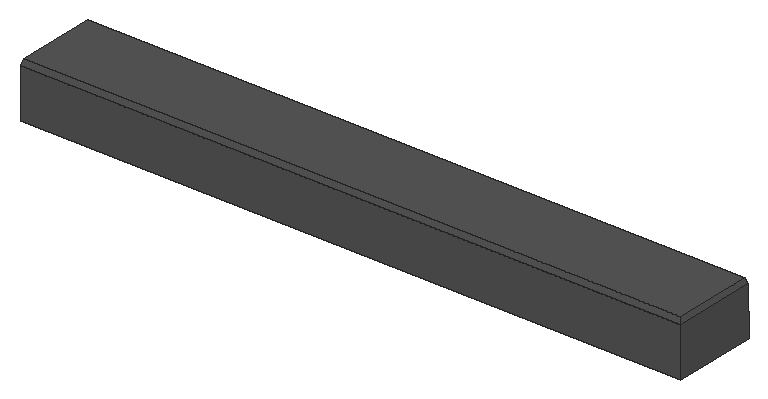
Revit family "Electronics_Conferencing-Bars_Biamp_Parle_Speaker_SBC-2__", category Communication Devices, host Face, Revit 2020
Family settings
  Host = Face
  Maintain Annotation Orientation = No
  Round Connector Dimension = Use Diameter
  Part Type = Normal
  OmniClass Number = 23.85.10.11.14
  OmniClass Title = Audio Equipment
  Cut with Voids When Loaded = No
  Shared = No
  Room Calculation Point = No
Parameters (values of type "SBC 2")
  Width = 40.10"  # constant formula
  Weight = 9.90 lbf  # constant formula
  Wake on Signal = "Yes"  # constant formula
  Voltage = 120 V
  USB Sample Rate = "44.1/48 kHz"  # constant formula
  USB Connector = "USB 2.0 Type-B"  # constant formula
  USB Codec = "24-bit PCM stereo"  # constant formula
  URL = "https://www.biamp.com/"
  THD+N = "< 0.1 %"  # constant formula
  Supported Version = "1.4"  # constant formula
  Sample Rate = "44.1/48 kHz"  # constant formula
  Rated Power = "4 x 20 Wrms"  # constant formula
  RS-232 = "19200/8-N-1"  # constant formula
  Product data url = "https://www.bimobject.com/biamp/product/parle-sbc-2_conferencing-bar"
  Product Page URL = "https://www.biamp.com/products/product-families/parle/conferencing-bars#parle-sbc-2"
  Product Documentation Link = "https://downloads.biamp.com/assets/docs/default-source/data-sheets/biamp_data_sheet_parle_sbc_2_feb22.pdf"
  Power Factor = 1
  Number of Poles = 1
  Number of Inputs = "1 (stereo)"  # constant formula
  Model = "Parlé SBC 2"  # constant formula
  Maximum SPL = "106 dBA"  # constant formula
  Max Power Consumption = 60 W
  Max Input Level = "1 Vrms"  # constant formula
  Manufacturer = "Biamp"  # constant formula
  Input Impedance = "< 20kΩ"  # constant formula
  Housing Material = Biamp - Plastic - Black
  Height = 5.10"  # constant formula
  Frequency Response = "± 3 dB"  # constant formula
  Description = "Parlé™ SBC 2 Conferencing Speaker Bar"
  Depth = 3.00"  # constant formula
  Default Elevation = 48.00"
  Connector Description = "100-240VAC 50/60Hz"  # constant formula
  Connector = "RCA"  # constant formula
  Compliance = "CE Marked (Europe) RoHS Directive (Europe)"  # constant formula
  Codec = "24-bit PCM stereo"  # constant formula
  CEC Support = "Yes"  # constant formula
  Assembly Code = ""
  Apparent Load = Max Power Consumption / Power Factor  # 60 VA
Reference planes (in)
  plane 1 "Center (Front/Back)": y = 0
  plane 2: z = 0
  plane 3 "Center (Left/Right)": x = 0
  plane 4: x = -20.05
  plane 5: x = 20.05
  plane 6: y = -2.55
  plane 7: y = 2.55
  plane 8: z = 3
Forms (in)
  Extrusion 1, solid, material "Biamp - Plastic - Black" <- "Housing Material", detail levels medium+fine
    sketch origin (0, -2.55, 1.5) x (1, 0, 0) y (0, 0, -1)
      loop
        line (-20.05, 1.5) -> (-20.05, -1.5) -> (20.05, -1.5) -> (20.05, 1.5) -> (-20.05, 1.5)
    from 0 to 5.1
  Extrusion 2, void
    sketch origin (0, -2.55, 1.5) x (1, 0, 0) y (0, 1, 0)
      loop
        line (4.34375, 4.60556) -> (-4.34375, 4.60556) -> (-4.34375, 0.49444) -> (4.34375, 0.49444) -> (4.34375, 4.60556)
    from -1.5 to -1.0155
  Extrusion 3, solid, material "Biamp - Plastic - Black" <- "Housing Material", detail levels fine
    sketch origin (0, -2.55, 1.5) x (1, 0, 0) y (0, 1, 0)
      loop
        circle (-18.00483, 2.55) r 1
      loop
        circle (-14.50483, 2.55) r 1.75
      loop
        circle (18.00483, 2.55) r 1
      loop
        circle (14.50483, 2.55) r 1.75
    from 1.5 to 1.60298
  Extrusion 4, void
    sketch origin (4.34375, 1.8863, 1.5) x (0, 1, 0) y (0, 0, 1)
      loop
        line (-0.35833, -1.38826) -> (-0.35833, -1.13826) -> (-1.02867, -1.13826) -> (-1.02867, -1.38826) -> (-0.35833, -1.38826)
      loop
        line (-1.18726, -1.38826) -> (-1.18726, -1.13826) -> (-1.8576, -1.13826) -> (-1.8576, -1.38826) -> (-1.18726, -1.38826)
    from 0 to 0.4024
  Extrusion 5, void
    sketch origin (0, -2.55, 0.4845) x (1, 0, 0) y (0, 1, 0)
      loop
        line (3.09701, 1.27657) -> (1.94808, 1.27657) -> (1.94808, 0.92393) -> (3.09701, 0.92393) -> (3.09701, 1.27657)
      loop
        line (-0.30428, 1.27657) -> (-1.07821, 1.27657) -> (-1.07821, 0.92393) -> (-0.30428, 0.92393) -> (-0.30428, 1.27657)
      loop
        line (-1.89782, 1.10264) -> (-2.67175, 1.10264) -> (-2.67175, 0.8125) -> (-1.89782, 0.8125) -> (-1.89782, 1.10264)
      loop
        circle (1.19808, 1.10025) r 0.25
      loop
        circle (0.44808, 1.10025) r 0.25
    from 0 to 0.73419
  Blend 6, solid, material "Biamp - Plastic - Black(Grid)", detail levels medium+fine
    base sketch origin (0, 0, 0) x (1, 0, 0) y (0, 1, 0)
      loop
        line (-20.05, 2.55) -> (-20.05, -2.55) -> (20.05, -2.55) -> (20.05, 2.55) -> (-20.05, 2.55)
    top sketch origin (0, 0, 0) x (1, 0, 0) y (0, 1, 0)
      loop
        line (-19.925, 2.425) -> (-19.925, -2.425) -> (19.925, -2.425) -> (19.925, 2.425) -> (-19.925, 2.425)
    from 3 to 3.33735
  Extrusion 7, solid, material "Biamp - Plastic - Black" <- "Housing Material", detail levels coarse
    sketch origin (0, -2.55, 1.5) x (1, 0, 0) y (0, 0, -1)
      loop
        line (-20.05, 1.5) -> (-20.05, -1.83735) -> (20.05, -1.83735) -> (20.05, 1.5) -> (-20.05, 1.5)
    from 0 to 5.1
Cuts and joins
  Extrusion 2, Extrusion 4, Extrusion 5 cuts Extrusion 1
  Extrusion 2 cuts Extrusion 7
Lines and regions (in)
  Masking region 1, detail levels medium+fine
    outline origin (0, 0, 0) x (1, 0, 0) y (0, 0, 1)
      loop
        line (-20.05, 0) -> (20.05, 0) -> (20.05, 3) -> (19.925, 3.33735) -> (-19.925, 3.33735) -> (-20.05, 3) -> (-20.05, 0)
  Masking region 2, detail levels coarse
    outline origin (0, 0, 0) x (1, 0, 0) y (0, 0, 1)
      loop
        line (-20.05, 0) -> (20.05, 0) -> (20.05, 3.33735) -> (-20.05, 3.33735) -> (-20.05, 0)
  symbolic lines, detail levels medium+fine
    curve 1: line (-20.05, 0, 3) -> (19.95, 0, 3)
Dimensions and locks (in)
  equal spacing: plane 4, plane 3 "Center (Left/Right)", plane 5
  "Width": plane 4 to plane 5
  equal spacing: plane 7, plane 1 "Center (Front/Back)", plane 6
  "Height": plane 7 to plane 6
  "Depth": plane 8 to level
  aligned and locked: plane 2 to host face
  aligned and locked: level to host face
  aligned and locked: cut or joined group of Extrusion 1, Extrusion 2, Extrusion 4, Extrusion 5 to plane 4
  aligned and locked: plane 5 to cut or joined group of Extrusion 1, Extrusion 2, Extrusion 4, Extrusion 5
  aligned and locked: plane 7 to cut or joined group of Extrusion 1, Extrusion 2, Extrusion 4, Extrusion 5
  aligned and locked: cut or joined group of Extrusion 1, Extrusion 2, Extrusion 4, Extrusion 5 to plane 6
  aligned and locked: plane 4 to cut or joined group of Extrusion 1, Extrusion 2, Extrusion 4, Extrusion 5
  aligned and locked: cut or joined group of Extrusion 1, Extrusion 2, Extrusion 4, Extrusion 5 to host face
  aligned and locked: plane 8 to cut or joined group of Extrusion 1, Extrusion 2, Extrusion 4, Extrusion 5
  aligned and locked: plane 8 to Extrusion 3
  aligned and locked: Blend 6 to cut or joined group of Extrusion 1, Extrusion 2, Extrusion 4, Extrusion 5
Automatic sketch dimensions
  host sketch curve to host sketch curve = 96.00"  (x2)
  Extrusion 1 sketch curve to plane 4 = 0.00"
  Extrusion 1 sketch curve to plane 5 = 0.00"
  Extrusion 1 sketch curve to plane 8 = 0.00"
  Extrusion 1 sketch curve to level = 0.00"
  Extrusion 2 sketch curve to plane 7 = 0.49444"
  Extrusion 2 sketch curve to plane 3 "Center (Left/Right)" = 4.34375"
  plane 6 to Extrusion 2 sketch curve = 0.49444"
  plane 3 "Center (Left/Right)" to Extrusion 2 sketch curve = 4.34375"
  plane 1 "Center (Front/Back)" to Extrusion 3 sketch curve = 0.00"  (x4)
  plane 4 to Extrusion 3 sketch curve = 2.04517"
  Extrusion 3 sketch curve to Extrusion 3 sketch curve = 3.50"
  Extrusion 3 sketch curve to plane 5 = 5.54517"
  Extrusion 3 sketch curve to plane 5 = 2.04517"
  Extrusion 4 sketch curve to Extrusion 2 = 0.11174"  (x2)
  Extrusion 2 to Extrusion 4 sketch curve = 2.02685"
  Extrusion 4 sketch curve to Extrusion 2 = 0.12276"  (x2)
  Extrusion 4 sketch curve to Extrusion 4 sketch curve = 0.67034"
  Extrusion 4 sketch curve to Extrusion 4 sketch curve = 0.15859"
  Extrusion 2 to Extrusion 4 sketch curve = 0.52758"
  Extrusion 2 to Extrusion 5 sketch curve = 0.31805"
  Extrusion 2 to Extrusion 5 sketch curve = 1.672"
  Extrusion 5 sketch curve to Extrusion 5 sketch curve = 0.77393"  (x2)
  Extrusion 5 sketch curve to Extrusion 5 sketch curve = 0.81961"
  Extrusion 5 sketch curve to Extrusion 5 sketch curve = 0.75236"
  Extrusion 5 sketch curve to Extrusion 5 sketch curve = 0.75"  (x2)
  Extrusion 2 to Extrusion 5 sketch curve = 0.42948"  (x2)
  Extrusion 5 sketch curve to Extrusion 5 sketch curve = 1.14893"
  Extrusion 2 to Extrusion 5 sketch curve = 0.60581"  (x2)
  Extrusion 5 sketch curve to Extrusion 5 sketch curve = 0.29014"
  Extrusion 5 sketch curve to Extrusion 5 sketch curve = 0.35264"  (x2)
  Blend 6 sketch curve to plane 4 = 0.00"
  Blend 6 sketch curve to plane 5 = 0.00"
  Blend 6 sketch curve to plane 6 = 0.00"
  Blend 6 sketch curve to plane 7 = 0.00"
  plane 4 to Blend 6 sketch curve = 0.125"
  Blend 6 sketch curve to plane 5 = 0.125"
  plane 6 to Blend 6 sketch curve = 0.125"
  Blend 6 sketch curve to plane 7 = 0.125"
  Extrusion 7 sketch curve to plane 4 = 0.00"
  Extrusion 7 sketch curve to plane 5 = 0.00"
  plane 8 to Extrusion 7 sketch curve = 0.33735"
  Extrusion 7 sketch curve to level = 0.00"
  Masking region 1 sketch curve to level = 0.00"
  Masking region 1 sketch curve to plane 4 = 0.00"
  Masking region 1 sketch curve to plane 5 = 0.00"
  Masking region 1 sketch curve to plane 8 = 0.00"  (x2)
  plane 4 to Masking region 1 sketch curve = 0.125"
  Masking region 1 sketch curve to plane 5 = 0.125"
  plane 8 to Masking region 1 sketch curve = 0.33735"
  curve 1 to plane 4 = 0.00"
  curve 1 to plane 8 = 0.00"
  curve 1 to plane 5 = 0.10"
  Masking region 2 sketch curve to plane 4 = 0.00"
  Masking region 2 sketch curve to plane 5 = 0.00"
  Masking region 2 sketch curve to level = 0.00"
  plane 8 to Masking region 2 sketch curve = 0.33735"
  radius of Extrusion 3 sketch curve = 1.00"  (x2)
  radius of Extrusion 3 sketch curve = 1.75"  (x2)
  radius of Extrusion 5 sketch curve = 0.25"  (x2)
Connectors (in)
  electrical at (-4.34375, 0, 0.24225), driven by "Number of Poles", driven by "Voltage", driven by "Apparent Load", driven by "Power Factor", driven by "Connector Description"
    settings: on cut or joined group of Extrusion 1, Extrusion 2, Extrusion 4, Extrusion 5, index 1, voltage 120 V, apparent load 0 VA, apparent load phase1 60 VA, apparent load phase2 0 VA, apparent load phase3 0 VA, power factor 1, load classification "Other", number of poles 1, system type 31, power factor state 1, is connector primary yes, connector utility no, sub classification motor no, connector description "100-240VAC 50/60Hz"
  electrical at (4.74615, 1.19281, 0.23674)
    settings: on cut or joined group of Extrusion 1, Extrusion 2, Extrusion 4, Extrusion 5, index 2, voltage 0 V, apparent load 0 VA, apparent load phase1 0 VA, apparent load phase2 0 VA, apparent load phase3 0 VA, power factor 1, load classification "Other", number of poles 1, system type 5, power factor state 1, is connector primary no, connector utility no, sub classification motor no, connector description "HDMI"
  electrical at (4.74615, 0.36387, 0.23674)
    settings: on cut or joined group of Extrusion 1, Extrusion 2, Extrusion 4, Extrusion 5, index 3, voltage 0 V, apparent load 0 VA, apparent load phase1 0 VA, apparent load phase2 0 VA, apparent load phase3 0 VA, power factor 1, load classification "Other", number of poles 1, system type 5, power factor state 1, is connector primary no, connector utility no, sub classification motor no, connector description "USB Audio Input; USB 2.0 Type-B"
  electrical at (2.52255, -1.44975, 1.21869)
    settings: on cut or joined group of Extrusion 1, Extrusion 2, Extrusion 4, Extrusion 5, index 4, voltage 0 V, apparent load 0 VA, apparent load phase1 0 VA, apparent load phase2 0 VA, apparent load phase3 0 VA, power factor 1, load classification "Other", number of poles 1, system type 5, power factor state 1, is connector primary no, connector utility no, sub classification motor no, connector description "Balanced audio connector"
  electrical at (1.19808, -1.44975, 1.21869)
    settings: on cut or joined group of Extrusion 1, Extrusion 2, Extrusion 4, Extrusion 5, index 5, voltage 0 V, apparent load 0 VA, apparent load phase1 0 VA, apparent load phase2 0 VA, apparent load phase3 0 VA, power factor 1, load classification "Other", number of poles 1, system type 5, power factor state 1, is connector primary no, connector utility no, sub classification motor no, connector description "RCA Unbalanced audio"
  electrical at (0.44808, -1.44975, 1.21869)
    settings: on cut or joined group of Extrusion 1, Extrusion 2, Extrusion 4, Extrusion 5, index 6, voltage 0 V, apparent load 0 VA, apparent load phase1 0 VA, apparent load phase2 0 VA, apparent load phase3 0 VA, power factor 1, load classification "Other", number of poles 1, system type 5, power factor state 1, is connector primary no, connector utility no, sub classification motor no, connector description "RCA Unbalanced audio"
  electrical at (-0.69125, -1.44975, 1.21869)
    settings: on cut or joined group of Extrusion 1, Extrusion 2, Extrusion 4, Extrusion 5, index 7, voltage 0 V, apparent load 0 VA, apparent load phase1 0 VA, apparent load phase2 0 VA, apparent load phase3 0 VA, power factor 1, load classification "Other", number of poles 1, system type 5, power factor state 1, is connector primary no, connector utility no, sub classification motor no, connector description "RS-232 connector"
